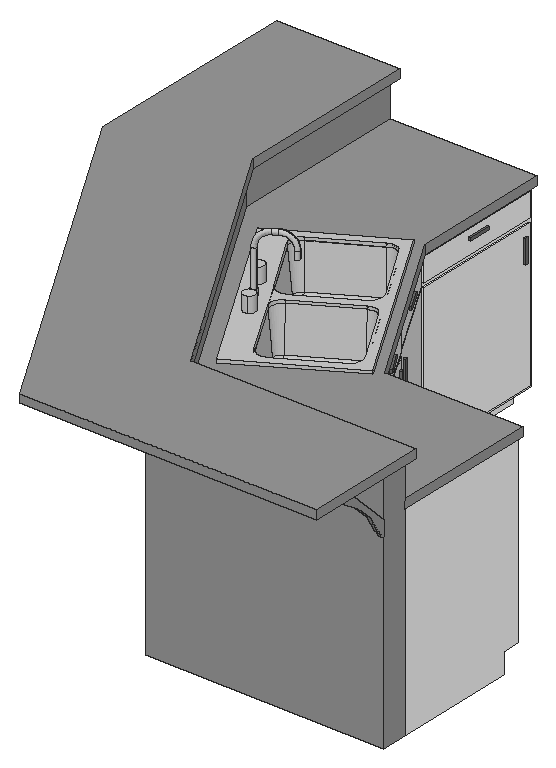
Revit family "Kitchen_Island_30-60_Angles_14122", category Обобщенные модели, Revit 2017
Family settings
  Может служить основой для арматурных стержней = Нет
  Размер круглого соединителя = Использовать диаметр
  Тип детали = Нормальный
  На основе рабочей плоскости = Нет
  Всегда вертикально = Да
  При загрузке вырезать с полостями = Нет
  Общий = Нет
  Точка расчета площади = Нет
Parameters
  Island Wall Material [instance] = Gypsum Wall Board
  Countertop Material [instance] = Travertine
  Brace Material [instance] = Wood
Reference planes (in)
  plane 1 "Center (Front/Back)": y = 0
  plane 2: z = 0
  plane 3 "Center (Left/Right)": x = 0
Forms (in)
  Extrusion 1, solid, material "Travertine" <- "Countertop Material"
    sketch origin (0, 0, 0) x (1, 0, 0) y (0, 1, 0)
      loop
        line (25, 0) -> (0, 0) -> (0, -30.43078) -> (28.14359, -79.17691) -> (66, -79.17691) -> (66, -54.17691) -> (42.57735, -54.17691) -> (25, -23.73205) -> (25, 0)
      loop
        line (26.52757, -62.37788) -> (39.51795, -54.87788) -> (23.01795, -26.29904) -> (10.02757, -33.79904) -> (26.52757, -62.37788)
    from 34.5 to 36
  Extrusion 2, solid, material "Gypsum Wall Board" <- "Island Wall Material"
    sketch origin (0, 0, 0) x (1, 0, 0) y (0, 1, 0)
      loop
        line (0, 0) -> (-4.5, 0) -> (-4.5, -31.63655) -> (25.54552, -83.67691) -> (66, -83.67691) -> (66, -79.17691) -> (28.14359, -79.17691) -> (0, -30.43078) -> (0, 0)
    from 0 to 42
  Extrusion 3, solid, material "Travertine" <- "Countertop Material"
    sketch origin (0, 0, 0) x (1, 0, 0) y (0, 1, 0)
      loop
        line (1, 1) -> (-20, 1) -> (-20, -35.78976) -> (16.59659, -99.17691) -> (67, -99.17691) -> (67, -78.17691) -> (28.72094, -78.17691) -> (1, -30.16283) -> (1, 1)
    from 42 to 43.5
  Extrusion 4, solid, material "Wood" <- "Brace Material"
    sketch origin (26.25, -83.42691, 0) x (0, 1, 0) y (0, 0, 1)
      loop
        line (-7.25, 42) -> (-9.75, 42)
        arc (-9.75, 42) -> (-9.53033, 41.46967) -> (-9, 41.25) r 0.75
        line (-9, 41.25) -> (-8.25, 41.25) -> (-8.25, 40.75)
        arc (-8.25, 40.75) -> (-4.17823, 37.67706) -> (-1.25, 33.5) r 16.37056
        line (-1.25, 33.5) -> (-0.75, 33.5) -> (-0.75, 33)
        arc (-0.75, 33) -> (-0.61237, 32.56699) -> (-0.25, 32.29289) r 0.75
        line (-0.25, 32.29289) -> (-0.25, 35) -> (-7.25, 42)
    from 0 to -0.5
  Extrusion 5, solid, material "Wood" <- "Brace Material"
    sketch origin (25.64256, -83.345, 0) x (0.866025, 0.5, 0) y (0, 0, 1)
      loop
        line (-7.25, 42) -> (-9.75, 42)
        arc (-9.75, 42) -> (-9.53033, 41.46967) -> (-9, 41.25) r 0.75
        line (-9, 41.25) -> (-8.25, 41.25) -> (-8.25, 40.75)
        arc (-8.25, 40.75) -> (-4.17823, 37.67706) -> (-1.25, 33.5) r 16.37056
        line (-1.25, 33.5) -> (-0.75, 33.5) -> (-0.75, 33)
        arc (-0.75, 33) -> (-0.61237, 32.56699) -> (-0.25, 32.29289) r 0.75
        line (-0.25, 32.29289) -> (-0.25, 35) -> (-7.25, 42)
    from 0 to -0.5
  Extrusion 6, solid, material "Wood" <- "Brace Material"
    sketch origin (-3.68061, -32.55578, 0) x (0.866025, 0.5, 0) y (0, 0, 1)
      loop
        line (-7.25, 42) -> (-9.75, 42)
        arc (-9.75, 42) -> (-9.53033, 41.46967) -> (-9, 41.25) r 0.75
        line (-9, 41.25) -> (-8.25, 41.25) -> (-8.25, 40.75)
        arc (-8.25, 40.75) -> (-4.17823, 37.67706) -> (-1.25, 33.5) r 16.37056
        line (-1.25, 33.5) -> (-0.75, 33.5) -> (-0.75, 33)
        arc (-0.75, 33) -> (-0.61237, 32.56699) -> (-0.25, 32.29289) r 0.75
        line (-0.25, 32.29289) -> (-0.25, 35) -> (-7.25, 42)
    from 0 to -0.5
  Extrusion 7, solid, material "Wood" <- "Brace Material"
    sketch origin (-4.25, -30.93078, 0) x (1, 0, 0) y (0, 0, 1)
      loop
        line (-7.25, 42) -> (-9.75, 42)
        arc (-9.75, 42) -> (-9.53033, 41.46967) -> (-9, 41.25) r 0.75
        line (-9, 41.25) -> (-8.25, 41.25) -> (-8.25, 40.75)
        arc (-8.25, 40.75) -> (-4.17823, 37.67706) -> (-1.25, 33.5) r 16.37056
        line (-1.25, 33.5) -> (-0.75, 33.5) -> (-0.75, 33)
        arc (-0.75, 33) -> (-0.61237, 32.56699) -> (-0.25, 32.29289) r 0.75
        line (-0.25, 32.29289) -> (-0.25, 35) -> (-7.25, 42)
    from 0 to -0.5
  Extrusion 8, solid, material "Wood" <- "Brace Material"
    sketch origin (-4.25, -0.5, 0) x (1, 0, 0) y (0, 0, 1)
      loop
        line (-7.25, 42) -> (-9.75, 42)
        arc (-9.75, 42) -> (-9.53033, 41.46967) -> (-9, 41.25) r 0.75
        line (-9, 41.25) -> (-8.25, 41.25) -> (-8.25, 40.75)
        arc (-8.25, 40.75) -> (-4.17823, 37.67706) -> (-1.25, 33.5) r 16.37056
        line (-1.25, 33.5) -> (-0.75, 33.5) -> (-0.75, 33)
        arc (-0.75, 33) -> (-0.61237, 32.56699) -> (-0.25, 32.29289) r 0.75
        line (-0.25, 32.29289) -> (-0.25, 35) -> (-7.25, 42)
    from 0 to -0.5
  Extrusion 9, solid, material "Wood" <- "Brace Material"
    sketch origin (66, -83.67691, 0) x (0, 1, 0) y (0, 0, 1)
      loop
        line (-7.25, 42) -> (-9.75, 42)
        arc (-9.75, 42) -> (-9.53033, 41.46967) -> (-9, 41.25) r 0.75
        line (-9, 41.25) -> (-8.25, 41.25) -> (-8.25, 40.75)
        arc (-8.25, 40.75) -> (-4.17823, 37.67706) -> (-1.25, 33.5) r 16.37056
        line (-1.25, 33.5) -> (-0.75, 33.5) -> (-0.75, 33)
        arc (-0.75, 33) -> (-0.53033, 32.46967) -> (0, 32.25) r 0.75
        line (0, 32.25) -> (0, 34.75) -> (-7.25, 42)
    from 0 to -0.5
Dimensions and locks (in)
  aligned and locked: plane 2 to level
  aligned and locked: Extrusion 4 to Extrusion 2
Nested families (in)
  nested 1: "Base Cabinet-Double Door & 2 Drawer (Island Center)" at (12.58424, -52.22733, 0) x (-0.5, 0.866, 0) z (0, 0, 1), type "36""
  nested 2: "Base Cabinet-Single Door & Drawer (Island Right)" at (0, -12.7377, 0) x (0, 1, 0) z (0, 0, 1), type "24""
  nested 3: "Base Cabinet-Single Door & Drawer (Island Left)" at (54.7377, -79.17691, 0) x (-1, 0, 0) z (0, 0, 1), type "24""
  nested 4: "Sink Kitchen-Double" at (23.86253, -45.57722, 0) x (-0.5, 0.866, 0) z (0, 0, 1), type "36" x 21""
    with Width 3' - 0"
Definition of nested family "Base Cabinet-Double Door & 2 Drawer (Island Center)"
  Parameters
    Assembly Code = "C1030410"
    Cabinet Material = none
    Depth = 2' - 0"
    Door/Drawer Material = none
    Handle Material = none
    Height = 2' - 10 1/2"
    Toe Depth = 0' - 3"
    Toe Height = 0' - 3 1/2"
    Width = 3' - 0"
  Reference planes (in)
    plane 1 "Back": y = 0
    plane 2: z = 0
    plane 3 "Center": x = 0.7377
    plane 4 "Left": x = -17.2623
    plane 5 "Right": x = 18.7377
    plane 6 "Front": y = -24
    plane 7 "Top": z = 34.5
    plane 8: y = -21
    plane 9: z = 3.5
    plane 10: z = 33.75
    plane 11: z = 4.25
    plane 12: x = -16.5123
    plane 13: x = 17.9877
    plane 14: z = 29.75
    plane 15: z = 29
    plane 16: x = -9.8873
    plane 17: x = -5.8873
    plane 18: z = 32.75
    plane 19: z = 32.25
    plane 20: z = 27.5
    plane 21: z = 23.5
    plane 22: x = -0.6373
    plane 23: x = -1.1373
    plane 24: x = 0.3627
    plane 25: x = 1.1127
    plane 26: x = 2.1127
    plane 27: x = 2.6127
    plane 28: x = -7.8873
    plane 29: x = 9.3627
    plane 30: x = 7.3627
    plane 31: x = 11.3627
  Forms (in)
    Extrusion 1, solid, material <- "Cabinet Material"
      sketch origin (0, 0, 0) x (1, 0, 0) y (0, 1, 0)
        loop
          line (-17.2623, 0) -> (-17.2623, -20.5) -> (-21.2623, -20.5) -> (-21.2623, -21) -> (22.7377, -21) -> (22.7377, -20.5) -> (18.7377, -20.5) -> (18.7377, 0) -> (-17.2623, 0)
      from 0 to 3.5
    Sweep 2, solid, material <- "Cabinet Material"
      path origin (0, 0, 0) x (1, 0, 0) y (0, 1, 0)
        loop
          line (18.7377, 0) -> (-17.2623, 0) -> (-17.2623, -24) -> (18.7377, -24) -> (18.7377, 0)
      profile origin (0, -12, 0) x (1, 0, 0) y (0, 0, 1)
        loop
          line (18.7377, 3.5) -> (18.7377, 34.5) -> (17.9877, 34.5) -> (17.9877, 3.5) -> (18.7377, 3.5)
    Extrusion 3, solid, material <- "Cabinet Material"
      sketch origin (0, 0, 0) x (1, 0, 0) y (0, 1, 0)
        loop
          line (-16.5123, -0.75) -> (-16.5123, -23.25) -> (17.9877, -23.25) -> (17.9877, -0.75) -> (-16.5123, -0.75)
      from 4.25 to 3.5
    Extrusion 4, solid, material <- "Door/Drawer Material"
      sketch origin (0, -24, 0) x (1, 0, 0) y (0, 0, 1)
        loop
          line (-16.5123, 33.75) -> (-16.5123, 29.75) -> (0.3627, 29.75) -> (0.3627, 33.75) -> (-16.5123, 33.75)
        loop
          line (1.1127, 33.75) -> (1.1127, 29.75) -> (17.9877, 29.75) -> (17.9877, 33.75) -> (1.1127, 33.75)
        loop
          line (-16.5123, 29) -> (-16.5123, 4.25) -> (0.3627, 4.25) -> (0.3627, 29) -> (-16.5123, 29)
        loop
          line (1.1127, 29) -> (1.1127, 4.25) -> (17.9877, 4.25) -> (17.9877, 29) -> (1.1127, 29)
      from 0 to 0.5
    Extrusion 5, solid, material <- "Handle Material"
      sketch origin (0, -24, 0) x (1, 0, 0) y (0, 0, 1)
        loop
          line (-9.8873, 32.75) -> (-9.8873, 32.25) -> (-5.8873, 32.25) -> (-5.8873, 32.75) -> (-9.8873, 32.75)
        loop
          line (7.3627, 32.75) -> (7.3627, 32.25) -> (11.3627, 32.25) -> (11.3627, 32.75) -> (7.3627, 32.75)
        loop
          line (-1.1373, 27.5) -> (-1.1373, 23.5) -> (-0.6373, 23.5) -> (-0.6373, 27.5) -> (-1.1373, 27.5)
        loop
          line (2.1127, 27.5) -> (2.1127, 23.5) -> (2.6127, 23.5) -> (2.6127, 27.5) -> (2.1127, 27.5)
      from 0.5 to 1
  Cuts and joins
    joined: Extrusion 1, Sweep 2
  Lines and regions (in)
    Masking region 1
      outline origin (0, 0, 0) x (1, 0, 0) y (0, 1, 0)
        loop
          line (-17.2623, 0) -> (-17.2623, -24) -> (18.7377, -24) -> (18.7377, 0) -> (-17.2623, 0)
    model lines
      curve 1: line (17.9877, -24, 29.75) -> (1.1127, -24, 29.75)
      curve 2: line (17.9877, -24, 33.75) -> (17.9877, -24, 29.75)
      curve 3: line (-16.5123, -24, 33.75) -> (0.3627, -24, 33.75)
      curve 4: line (-16.5123, -24, 29.75) -> (-16.5123, -24, 33.75)
      curve 5: line (17.9877, -24, 4.25) -> (1.1127, -24, 4.25)
      curve 6: line (17.9877, -24, 29) -> (17.9877, -24, 4.25)
      curve 7: line (-16.5123, -24, 29) -> (0.3627, -24, 29)
      curve 8: line (-16.5123, -24, 4.25) -> (-16.5123, -24, 29)
      curve 9: line (-9.8873, -24, 32.75) -> (-5.8873, -24, 32.75)
      curve 10: line (-9.8873, -24, 32.25) -> (-9.8873, -24, 32.75)
      curve 11: line (-5.8873, -24, 32.25) -> (-9.8873, -24, 32.25)
      curve 12: line (-5.8873, -24, 32.75) -> (-5.8873, -24, 32.25)
      curve 13: line (-1.1373, -24, 27.5) -> (-0.6373, -24, 27.5)
      curve 14: line (-1.1373, -24, 23.5) -> (-1.1373, -24, 27.5)
      curve 15: line (-0.6373, -24, 23.5) -> (-1.1373, -24, 23.5)
      curve 16: line (-0.6373, -24, 27.5) -> (-0.6373, -24, 23.5)
      curve 17: line (1.1127, -24, 4.25) -> (1.1127, -24, 29)
      curve 18: line (0.3627, -24, 4.25) -> (0.3627, -24, 29)
      curve 19: line (2.6127, -24, 27.5) -> (2.1127, -24, 27.5)
      curve 20: line (2.6127, -24, 23.5) -> (2.6127, -24, 27.5)
      curve 21: line (2.1127, -24, 23.5) -> (2.6127, -24, 23.5)
      curve 22: line (2.1127, -24, 27.5) -> (2.1127, -24, 23.5)
      curve 23: line (1.1127, -24, 29) -> (17.9877, -24, 29)
      curve 24: line (0.3627, -24, 4.25) -> (-16.5123, -24, 4.25)
      curve 25: line (11.3627, -24, 32.75) -> (7.3627, -24, 32.75)
      curve 26: line (11.3627, -24, 32.25) -> (11.3627, -24, 32.75)
      curve 27: line (7.3627, -24, 32.25) -> (11.3627, -24, 32.25)
      curve 28: line (7.3627, -24, 32.75) -> (7.3627, -24, 32.25)
      curve 29: line (0.3627, -24, 29.75) -> (0.3627, -24, 33.75)
      curve 30: line (1.1127, -24, 29.75) -> (1.1127, -24, 33.75)
      curve 31: line (1.1127, -24, 33.75) -> (17.9877, -24, 33.75)
      curve 32: line (0.3627, -24, 29.75) -> (-16.5123, -24, 29.75)
      curve 33: line (-16.5123, -24, 16.625) -> (-17.2623, -24, 16.625)
      curve 34: line (17.9877, -24, 16.625) -> (18.7377, -24, 16.625)
    symbolic lines
      curve 35: line (0.3627, 0, 29) -> (-16.5123, 0, 16.625)
      curve 36: line (-16.5123, 0, 16.625) -> (0.3627, 0, 4.25)
      curve 37: line (1.1127, 0, 4.25) -> (17.9877, 0, 16.625)
      curve 38: line (17.9877, 0, 16.625) -> (1.1127, 0, 29)
  Dimensions and locks (in)
    "Depth": plane 6 "Front" to plane 1 "Back"
    "Width": plane 4 "Left" to plane 5 "Right"
    equal spacing: plane 4 "Left", plane 3 "Center", plane 5 "Right"
    "Height": level to plane 7 "Top"
    "Toe Height": plane 2 to plane 9
    "Toe Depth": plane 6 "Front" to plane 8
    locked: plane 4 "Left" to plane 12 at 0.75
    locked: plane 13 to plane 5 "Right" at 0.75
    locked: plane 7 "Top" to plane 10 at 0.75
    locked: plane 11 to plane 9 at 0.75
    plane 10 to plane 14 to plane 15 = 0' - 4" locked, 0' - 0 3/4" locked
    plane 15 to plane 20 to plane 21 = 0' - 1 1/2" locked, 0' - 4" locked
    plane 10 to plane 18 to plane 19 = 0' - 1" locked, 0' - 0 1/2" locked
    plane 25 to plane 3 "Center" to plane 24 = 0' - 0 3/8" locked, 0' - 0 3/8" locked
    plane 24 to plane 22 to plane 23 = 0' - 1" locked, 0' - 0 1/2" locked
    plane 25 to plane 26 to plane 27 = 0' - 1" locked, 0' - 0 1/2" locked
    equal spacing: plane 12, plane 28, plane 3 "Center"
    equal spacing: plane 13, plane 29, plane 3 "Center"
    plane 16 to plane 28 to plane 17 = 0' - 2" locked, 0' - 2" locked
    plane 30 to plane 29 to plane 31 = 0' - 2" locked, 0' - 2" locked
    equal spacing: plane 15, curve 33, plane 11
    equal spacing: plane 15, curve 34, plane 11
    aligned and locked: plane 1 "Back" to Extrusion 1 sketch curve
    aligned and locked: Extrusion 1 sketch curve to plane 5 "Right"
    aligned and locked: Extrusion 1 sketch curve to plane 8
    aligned and locked: plane 4 "Left" to Extrusion 1 sketch curve
    aligned and locked: Extrusion 1 to level
    aligned and locked: Sweep 2 sketch curve to plane 6 "Front"
    aligned and locked: plane 1 "Back" to Sweep 2 sketch curve
    aligned and locked: Sweep 2 sketch curve to plane 5 "Right"  (x2)
    aligned and locked: plane 4 "Left" to Sweep 2 sketch curve
    aligned and locked: plane 7 "Top" to Sweep 2 sketch curve
    aligned and locked: plane 9 to Sweep 2 sketch curve
    aligned and locked: Sweep 2 to Extrusion 3 sketch curve  (x2)
    aligned and locked: Extrusion 3 sketch curve to Sweep 2  (x2)
    aligned and locked: Extrusion 3 to plane 11
    aligned and locked: Extrusion 3 to plane 9
    aligned and locked: plane 9 to Extrusion 1
    aligned and locked: Masking region 1 sketch curve to plane 5 "Right"
    aligned and locked: plane 1 "Back" to Masking region 1 sketch curve
    aligned and locked: plane 4 "Left" to Masking region 1 sketch curve
    aligned and locked: Masking region 1 sketch curve to plane 6 "Front"
  Automatic sketch dimensions
    profile plane to Sweep 2 sketch curve = 0' - 0 3/4"
    Extrusion 4 sketch curve to plane 12 = 0' - 0"  (x2)
    Extrusion 4 sketch curve to plane 10 = 0' - 0"  (x2)
    Extrusion 4 sketch curve to plane 24 = 0' - 0"  (x2)
    Extrusion 4 sketch curve to plane 11 = 0' - 0"  (x2)
    Extrusion 4 sketch curve to plane 14 = 0' - 0"  (x2)
    Extrusion 4 sketch curve to plane 25 = 0' - 0"  (x2)
    Extrusion 4 sketch curve to plane 15 = 0' - 0"  (x2)
    Extrusion 4 sketch curve to plane 13 = 0' - 0"  (x2)
    Extrusion 5 sketch curve to plane 16 = 0' - 0"
    Extrusion 5 sketch curve to plane 17 = 0' - 0"
    Extrusion 5 sketch curve to plane 20 = 0' - 0"  (x2)
    Extrusion 5 sketch curve to plane 23 = 0' - 0"
    Extrusion 5 sketch curve to plane 21 = 0' - 0"  (x2)
    Extrusion 5 sketch curve to plane 22 = 0' - 0"
    Extrusion 5 sketch curve to plane 26 = 0' - 0"
    Extrusion 5 sketch curve to plane 27 = 0' - 0"
    Extrusion 5 sketch curve to plane 18 = 0' - 0"  (x2)
    Extrusion 5 sketch curve to plane 30 = 0' - 0"
    Extrusion 5 sketch curve to plane 19 = 0' - 0"  (x2)
    Extrusion 5 sketch curve to plane 31 = 0' - 0"
    curve 34 to plane 5 "Right" = 0' - 0"
    curve 2 to plane 10 = 0' - 0"
    curve 2 to plane 13 = 0' - 0"
    curve 37 to plane 13 = 0' - 0"
    curve 34 to plane 13 = 0' - 0"
    curve 25 to plane 18 = 0' - 0"
    curve 25 to plane 31 = 0' - 0"
    curve 25 to plane 30 = 0' - 0"
    curve 21 to plane 21 = 0' - 0"
    curve 21 to plane 27 = 0' - 0"
    curve 21 to plane 26 = 0' - 0"
    curve 23 to plane 15 = 0' - 0"
    curve 23 to plane 25 = 0' - 0"
    curve 30 to plane 25 = 0' - 0"
    curve 38 to plane 15 = 0' - 0"
    curve 38 to plane 25 = 0' - 0"
    curve 37 to plane 11 = 0' - 0"
    curve 37 to plane 25 = 0' - 0"
    curve 18 to plane 11 = 0' - 0"
    curve 18 to plane 24 = 0' - 0"
    curve 36 to plane 11 = 0' - 0"
    curve 36 to plane 24 = 0' - 0"
    curve 29 to plane 14 = 0' - 0"
    curve 29 to plane 24 = 0' - 0"
    curve 35 to plane 15 = 0' - 0"
    curve 35 to plane 24 = 0' - 0"
    curve 16 to plane 21 = 0' - 0"
    curve 16 to plane 22 = 0' - 0"
    curve 14 to plane 23 = 0' - 0"
    curve 12 to plane 17 = 0' - 0"
    curve 10 to plane 16 = 0' - 0"
    curve 32 to plane 12 = 0' - 0"
    curve 24 to plane 12 = 0' - 0"
    curve 35 to plane 12 = 0' - 0"
    curve 33 to plane 4 "Left" = 0' - 0"
    curve 29 to plane 10 = 0' - 0"
    curve 9 to plane 18 = 0' - 0"
    curve 27 to plane 19 = 0' - 0"
    curve 10 to plane 19 = 0' - 0"
    curve 1 to plane 14 = 0' - 0"
    curve 7 to plane 15 = 0' - 0"
    curve 22 to plane 20 = 0' - 0"
    curve 13 to plane 20 = 0' - 0"
    curve 5 to plane 11 = 0' - 0"
    curve 37 to curve 34 = 0' - 0"
    curve 36 to curve 33 = 0' - 0"
    Extrusion 1 sketch curve to plane 4 "Left" = 0' - 4"
    Extrusion 1 sketch curve to plane 8 = 0' - 0 1/2"  (x2)
    Extrusion 1 sketch curve to Extrusion 1 sketch curve = 0' - 4"
Definition of nested family "Base Cabinet-Single Door & Drawer (Island Right)"
  Parameters
    Assembly Code = "C1030410"
    Cabinet Material = none
    Depth = 2' - 0"
    Drawer Material = none
    Handle Material = none
    Height = 2' - 10 1/2"
    Toe Depth = 0' - 3"
    Toe Height = 0' - 3 1/2"
    Width = 1' - 6"
  Reference planes (in)
    plane 1 "Back": y = 0
    plane 2: z = 0
    plane 3 "Center": x = 0.7377
    plane 4 "Left": x = -8.2623
    plane 5 "Right": x = 9.7377
    plane 6 "Front": y = -24
    plane 7 "Top": z = 34.5
    plane 8: y = -21
    plane 9: z = 3.5
    plane 10: z = 33.75
    plane 11: z = 4.25
    plane 12: x = -7.5123
    plane 13: x = 8.9877
    plane 14: z = 27.5
    plane 15: z = 23.5
    plane 16: x = 7.9877
    plane 17: x = 7.4877
    plane 18: z = 29.75
    plane 19: z = 29
  Forms (in)
    Extrusion 1, solid, material <- "Cabinet Material"
      sketch origin (0, 0, 0) x (1, 0, 0) y (0, 1, 0)
        loop
          line (-8.2623, 0) -> (-8.2623, -20.5) -> (-10.5123, -20.5) -> (-10.5123, -21) -> (9.7377, -21) -> (9.7377, 0) -> (-8.2623, 0)
      from 0 to 3.5
    Sweep 2, solid, material <- "Cabinet Material"
      path origin (0, 0, 0) x (1, 0, 0) y (0, 1, 0)
        loop
          line (9.7377, 0) -> (-8.2623, 0) -> (-8.2623, -24) -> (9.7377, -24) -> (9.7377, 0)
      profile origin (0, -12, 0) x (1, 0, 0) y (0, 0, 1)
        loop
          line (9.7377, 3.5) -> (9.7377, 34.5) -> (8.9877, 34.5) -> (8.9877, 3.5) -> (9.7377, 3.5)
    Extrusion 3, solid
      sketch origin (0, 0, 0) x (1, 0, 0) y (0, 1, 0)
        loop
          line (-7.5123, -0.75) -> (-7.5123, -23.25) -> (8.9877, -23.25) -> (8.9877, -0.75) -> (-7.5123, -0.75)
      from 4.25 to 3.5
    Extrusion 4, solid, material <- "Drawer Material"
      sketch origin (0, -24, 0) x (1, 0, 0) y (0, 0, 1)
        loop
          line (-7.5123, 29) -> (-7.5123, 4.25) -> (8.9877, 4.25) -> (8.9877, 29) -> (-7.5123, 29)
        loop
          line (-7.5123, 33.75) -> (-7.5123, 29.75) -> (8.9877, 29.75) -> (8.9877, 33.75) -> (-7.5123, 33.75)
      from 0 to 0.5
    Extrusion 5, solid, material <- "Handle Material"
      sketch origin (0, -24, 0) x (1, 0, 0) y (0, 0, 1)
        loop
          line (7.4877, 27.5) -> (7.4877, 23.5) -> (7.9877, 23.5) -> (7.9877, 27.5) -> (7.4877, 27.5)
        loop
          line (-1.2623, 32.75) -> (-1.2623, 32.25) -> (2.7377, 32.25) -> (2.7377, 32.75) -> (-1.2623, 32.75)
      from 0.5 to 1
  Cuts and joins
    joined: Extrusion 1, Sweep 2
  Lines and regions (in)
    Masking region 1
      outline origin (0, 0, 0) x (1, 0, 0) y (0, 1, 0)
        loop
          line (-8.2623, 0) -> (-8.2623, -24) -> (9.7377, -24) -> (9.7377, 0) -> (-8.2623, 0)
    model lines
      curve 1: line (-7.5123, -24, 16.625) -> (-8.2623, -24, 16.625)
    symbolic lines
      curve 2: line (8.9877, 0, 29) -> (-7.5123, 0, 16.625)
      curve 3: line (8.9877, 0, 4.25) -> (-7.5123, 0, 16.625)
  Dimensions and locks (in)
    "Depth": plane 6 "Front" to plane 1 "Back"
    "Width": plane 4 "Left" to plane 5 "Right"
    equal spacing: plane 4 "Left", plane 3 "Center", plane 5 "Right"
    "Height": level to plane 7 "Top"
    "Toe Height": plane 2 to plane 9
    "Toe Depth": plane 6 "Front" to plane 8
    locked: plane 4 "Left" to plane 12 at 0.75
    locked: plane 13 to plane 5 "Right" at 0.75
    locked: plane 7 "Top" to plane 10 at 0.75
    locked: plane 11 to plane 9 at 0.75
    locked: plane 14 to plane 15 at 4
    plane 17 to plane 16 to plane 13 = 0' - 0 1/2" locked, 0' - 1" locked
    locked: plane 10 to plane 18 at 4
    locked: plane 18 to plane 19 at 0.75
    locked: plane 19 to plane 14 at 1.5
    plane 10 to Extrusion 5 sketch curve to Extrusion 5 sketch curve = 0' - 1", 0' - 0 1/2"
    Extrusion 5 sketch curve to plane 3 "Center" to Extrusion 5 sketch curve = 0' - 2" locked, 0' - 2" locked
    equal spacing: plane 19, curve 1, plane 11
    aligned and locked: plane 1 "Back" to Extrusion 1 sketch curve
    aligned and locked: Extrusion 1 sketch curve to plane 5 "Right"
    aligned and locked: Extrusion 1 sketch curve to plane 8
    aligned and locked: plane 4 "Left" to Extrusion 1 sketch curve
    aligned and locked: Extrusion 1 to level
    aligned and locked: Sweep 2 sketch curve to plane 6 "Front"
    aligned and locked: plane 1 "Back" to Sweep 2 sketch curve
    aligned and locked: Sweep 2 sketch curve to plane 5 "Right"  (x2)
    aligned and locked: plane 4 "Left" to Sweep 2 sketch curve
    aligned and locked: plane 7 "Top" to Sweep 2 sketch curve
    aligned and locked: Sweep 2 sketch curve to plane 9
    aligned and locked: Sweep 2 to Extrusion 3 sketch curve  (x2)
    aligned and locked: Extrusion 3 sketch curve to Sweep 2  (x2)
    aligned and locked: plane 11 to Extrusion 3
    aligned and locked: plane 9 to Extrusion 3
    aligned and locked: Extrusion 1 to plane 9
    aligned and locked: plane 19 to Extrusion 4 sketch curve
    aligned and locked: plane 18 to Extrusion 4 sketch curve
    aligned and locked: plane 13 to Extrusion 4 sketch curve
    aligned and locked: plane 1 "Back" to Masking region 1 sketch curve
    aligned and locked: Masking region 1 sketch curve to plane 5 "Right"
    aligned and locked: plane 4 "Left" to Masking region 1 sketch curve
    aligned and locked: Masking region 1 sketch curve to plane 6 "Front"
  Automatic sketch dimensions
    profile plane to Sweep 2 sketch curve = 0' - 0 3/4"
    Extrusion 4 sketch curve to plane 12 = 0' - 0"  (x2)
    Extrusion 4 sketch curve to plane 11 = 0' - 0"
    Extrusion 4 sketch curve to plane 13 = 0' - 0"
    Extrusion 5 sketch curve to plane 14 = 0' - 0"
    Extrusion 5 sketch curve to plane 17 = 0' - 0"
    Extrusion 5 sketch curve to plane 15 = 0' - 0"
    Extrusion 5 sketch curve to plane 16 = 0' - 0"
    Extrusion 4 sketch curve to plane 10 = 0' - 0"
    curve 2 to plane 13 = 0' - 0"
    curve 3 to plane 11 = 0' - 0"
    curve 3 to plane 13 = 0' - 0"
    curve 2 to plane 12 = 0' - 0"
    curve 1 to plane 12 = 0' - 0"
    curve 1 to plane 4 "Left" = 0' - 0"
    curve 2 to plane 19 = 0' - 0"
    curve 2 to curve 1 = 0' - 0"
    Extrusion 1 sketch curve to plane 8 = 0' - 0 1/2"
    Extrusion 1 sketch curve to plane 4 "Left" = 0' - 2 1/4"
Definition of nested family "Base Cabinet-Single Door & Drawer (Island Left)"
  Parameters
    Assembly Code = "C1030410"
    Cabinet Material = none
    Depth = 2' - 0"
    Drawer Material = none
    Handle Material = none
    Height = 2' - 10 1/2"
    Toe Depth = 0' - 3"
    Toe Height = 0' - 3 1/2"
    Width = 1' - 6"
  Reference planes (in)
    plane 1 "Back": y = 0
    plane 2: z = 0
    plane 3 "Center": x = 0.7377
    plane 4 "Left": x = -8.2623
    plane 5 "Right": x = 9.7377
    plane 6 "Front": y = -24
    plane 7 "Top": z = 34.5
    plane 8: y = -21
    plane 9: z = 3.5
    plane 10: z = 33.75
    plane 11: z = 4.25
    plane 12: x = -7.5123
    plane 13: x = 8.9877
    plane 14: z = 27.5
    plane 15: z = 23.5
    plane 16: x = 7.9877
    plane 17: x = 7.4877
    plane 18: z = 29.75
    plane 19: z = 29
  Forms (in)
    Extrusion 1, solid, material <- "Cabinet Material"
      sketch origin (0, 0, 0) x (1, 0, 0) y (0, 1, 0)
        loop
          line (-8.2623, 0) -> (-8.2623, -21) -> (11.7377, -21) -> (11.7377, -20.5) -> (9.7377, -20.5) -> (9.7377, 0) -> (-8.2623, 0)
      from 0 to 3.5
    Sweep 2, solid, material <- "Cabinet Material"
      path origin (0, 0, 0) x (1, 0, 0) y (0, 1, 0)
        loop
          line (9.7377, 0) -> (-8.2623, 0) -> (-8.2623, -24) -> (9.7377, -24) -> (9.7377, 0)
      profile origin (0, -12, 0) x (1, 0, 0) y (0, 0, 1)
        loop
          line (9.7377, 3.5) -> (9.7377, 34.5) -> (8.9877, 34.5) -> (8.9877, 3.5) -> (9.7377, 3.5)
    Extrusion 3, solid
      sketch origin (0, 0, 0) x (1, 0, 0) y (0, 1, 0)
        loop
          line (-7.5123, -0.75) -> (-7.5123, -23.25) -> (8.9877, -23.25) -> (8.9877, -0.75) -> (-7.5123, -0.75)
      from 4.25 to 3.5
    Extrusion 4, solid, material <- "Drawer Material"
      sketch origin (0, -24, 0) x (1, 0, 0) y (0, 0, 1)
        loop
          line (-7.5123, 29) -> (-7.5123, 4.25) -> (8.9877, 4.25) -> (8.9877, 29) -> (-7.5123, 29)
        loop
          line (-7.5123, 33.75) -> (-7.5123, 29.75) -> (8.9877, 29.75) -> (8.9877, 33.75) -> (-7.5123, 33.75)
      from 0 to 0.5
    Extrusion 5, solid, material <- "Handle Material"
      sketch origin (0, -24, 0) x (1, 0, 0) y (0, 0, 1)
        loop
          line (7.4877, 27.5) -> (7.4877, 23.5) -> (7.9877, 23.5) -> (7.9877, 27.5) -> (7.4877, 27.5)
        loop
          line (-1.2623, 32.75) -> (-1.2623, 32.25) -> (2.7377, 32.25) -> (2.7377, 32.75) -> (-1.2623, 32.75)
      from 0.5 to 1
  Cuts and joins
    joined: Extrusion 1, Sweep 2
  Lines and regions (in)
    Masking region 1
      outline origin (0, 0, 0) x (1, 0, 0) y (0, 1, 0)
        loop
          line (-8.2623, 0) -> (-8.2623, -24) -> (9.7377, -24) -> (9.7377, 0) -> (-8.2623, 0)
    model lines
      curve 1: line (-7.5123, -24, 16.625) -> (-8.2623, -24, 16.625)
    symbolic lines
      curve 2: line (8.9877, 0, 29) -> (-7.5123, 0, 16.625)
      curve 3: line (8.9877, 0, 4.25) -> (-7.5123, 0, 16.625)
  Dimensions and locks (in)
    "Depth": plane 6 "Front" to plane 1 "Back"
    "Width": plane 4 "Left" to plane 5 "Right"
    equal spacing: plane 4 "Left", plane 3 "Center", plane 5 "Right"
    "Height": level to plane 7 "Top"
    "Toe Height": plane 2 to plane 9
    "Toe Depth": plane 6 "Front" to plane 8
    locked: plane 4 "Left" to plane 12 at 0.75
    locked: plane 13 to plane 5 "Right" at 0.75
    locked: plane 7 "Top" to plane 10 at 0.75
    locked: plane 11 to plane 9 at 0.75
    locked: plane 14 to plane 15 at 4
    plane 17 to plane 16 to plane 13 = 0' - 0 1/2" locked, 0' - 1" locked
    locked: plane 10 to plane 18 at 4
    locked: plane 18 to plane 19 at 0.75
    locked: plane 19 to plane 14 at 1.5
    plane 10 to Extrusion 5 sketch curve to Extrusion 5 sketch curve = 0' - 1", 0' - 0 1/2"
    Extrusion 5 sketch curve to plane 3 "Center" to Extrusion 5 sketch curve = 0' - 2" locked, 0' - 2" locked
    equal spacing: plane 19, curve 1, plane 11
    aligned and locked: plane 1 "Back" to Extrusion 1 sketch curve
    aligned and locked: Extrusion 1 sketch curve to plane 5 "Right"
    aligned and locked: Extrusion 1 sketch curve to plane 8
    aligned and locked: plane 4 "Left" to Extrusion 1 sketch curve
    aligned and locked: Extrusion 1 to level
    aligned and locked: Sweep 2 sketch curve to plane 6 "Front"
    aligned and locked: plane 1 "Back" to Sweep 2 sketch curve
    aligned and locked: Sweep 2 sketch curve to plane 5 "Right"  (x2)
    aligned and locked: plane 4 "Left" to Sweep 2 sketch curve
    aligned and locked: plane 7 "Top" to Sweep 2 sketch curve
    aligned and locked: Sweep 2 sketch curve to plane 9
    aligned and locked: Sweep 2 to Extrusion 3 sketch curve  (x2)
    aligned and locked: Extrusion 3 sketch curve to Sweep 2  (x2)
    aligned and locked: plane 11 to Extrusion 3
    aligned and locked: plane 9 to Extrusion 3
    aligned and locked: Extrusion 1 to plane 9
    aligned and locked: plane 19 to Extrusion 4 sketch curve
    aligned and locked: plane 18 to Extrusion 4 sketch curve
    aligned and locked: plane 13 to Extrusion 4 sketch curve
    aligned and locked: plane 1 "Back" to Masking region 1 sketch curve
    aligned and locked: Masking region 1 sketch curve to plane 5 "Right"
    aligned and locked: plane 4 "Left" to Masking region 1 sketch curve
    aligned and locked: Masking region 1 sketch curve to plane 6 "Front"
  Automatic sketch dimensions
    profile plane to Sweep 2 sketch curve = 0' - 0 3/4"
    Extrusion 4 sketch curve to plane 12 = 0' - 0"  (x2)
    Extrusion 4 sketch curve to plane 11 = 0' - 0"
    Extrusion 4 sketch curve to plane 13 = 0' - 0"
    Extrusion 5 sketch curve to plane 14 = 0' - 0"
    Extrusion 5 sketch curve to plane 17 = 0' - 0"
    Extrusion 5 sketch curve to plane 15 = 0' - 0"
    Extrusion 5 sketch curve to plane 16 = 0' - 0"
    Extrusion 4 sketch curve to plane 10 = 0' - 0"
    curve 2 to plane 13 = 0' - 0"
    curve 3 to plane 11 = 0' - 0"
    curve 3 to plane 13 = 0' - 0"
    curve 2 to plane 12 = 0' - 0"
    curve 1 to plane 12 = 0' - 0"
    curve 1 to plane 4 "Left" = 0' - 0"
    curve 2 to plane 19 = 0' - 0"
    curve 2 to curve 1 = 0' - 0"
    Extrusion 1 sketch curve to plane 8 = 0' - 0 1/2"
    Extrusion 1 sketch curve to Extrusion 1 sketch curve = 0' - 2"
Definition of nested family "Sink Kitchen-Double"
  Parameters
    Assembly Code = "D2010410"
    Counter Height = 3' - 0"
    Depth = 1' - 9"
    Faucet Material = none
    Sink Material = none
    Width = 3' - 6"
  Reference planes (in)
    plane 1 "Center (Front/Back)": y = -1.40766
    plane 2: z = 0
    plane 3 "Center (Left/Right)": x = 0.61769
    plane 4: y = 10.59234
    plane 5: y = -10.40766
    plane 6: x = -20.38231
    plane 7: x = 21.61769
    plane 8 "Top Of Counter": z = 36
    plane 9: z = 36.5
    plane 10: z = 27.5
    plane 11: y = 6.09234
    plane 12: x = -18.88231
    plane 13: y = -8.90766
    plane 14: x = 20.11769
    plane 15: x = -3.38231
    plane 16: x = 4.61769
    plane 17: y = 8.34234
    plane 18: y = 8.34234
    plane 19: y = 8.34234
    plane 20: z = 46.375
    plane 21: y = 2.46734
    plane 22: z = 39
    plane 23: z = 37.5
    plane 24: x = -0.13231
    plane 25: x = 1.36769
    plane 26: x = -9.13231
    plane 27: x = 10.36769
    plane 28: z = 27.875
  Forms (in)
    Extrusion 1, solid, material <- "Sink Material"
      sketch origin (0, 0, 0) x (1, 0, 0) y (0, 1, 0)
        loop
          line (-20.38231, 10.59234) -> (-20.38231, -10.40766) -> (21.61769, -10.40766) -> (21.61769, 10.59234) -> (-20.38231, 10.59234)
        loop
          arc (-16.88231, 6.09234) -> (-18.29653, 5.50655) -> (-18.88231, 4.09234) r 2
          line (-18.88231, 4.09234) -> (-18.88231, -6.90766)
          arc (-18.88231, -6.90766) -> (-18.29653, -8.32187) -> (-16.88231, -8.90766) r 2
          line (-16.88231, -8.90766) -> (-2.13231, -8.90766)
          arc (-2.13231, -8.90766) -> (-0.7181, -8.32187) -> (-0.13231, -6.90766) r 2
          line (-0.13231, -6.90766) -> (-0.13231, 4.09234)
          arc (-0.13231, 4.09234) -> (-0.7181, 5.50655) -> (-2.13231, 6.09234) r 2
          line (-2.13231, 6.09234) -> (-16.88231, 6.09234)
        loop
          arc (18.11769, -8.90766) -> (19.5319, -8.32187) -> (20.11769, -6.90766) r 2
          line (20.11769, -6.90766) -> (20.11769, 4.09234)
          arc (20.11769, 4.09234) -> (19.5319, 5.50655) -> (18.11769, 6.09234) r 2
          line (18.11769, 6.09234) -> (3.36769, 6.09234)
          arc (3.36769, 6.09234) -> (1.95347, 5.50655) -> (1.36769, 4.09234) r 2
          line (1.36769, 4.09234) -> (1.36769, -6.90766)
          arc (1.36769, -6.90766) -> (1.95347, -8.32187) -> (3.36769, -8.90766) r 2
          line (3.36769, -8.90766) -> (18.11769, -8.90766)
      from 36 to 36.5
    Sweep 2, solid, material <- "Sink Material"
      path origin (0, 0, 0) x (1, 0, 0) y (0, 1, 0)
        loop
          arc (-16.88231, 6.09234) -> (-18.29653, 5.50655) -> (-18.88231, 4.09234) r 2
          line (-18.88231, 4.09234) -> (-18.88231, -6.90766)
          arc (-18.88231, -6.90766) -> (-18.29653, -8.32187) -> (-16.88231, -8.90766) r 2
          line (-16.88231, -8.90766) -> (-2.13231, -8.90766)
          arc (-2.13231, -8.90766) -> (-0.7181, -8.32187) -> (-0.13231, -6.90766) r 2
          line (-0.13231, -6.90766) -> (-0.13231, 4.09234)
          arc (-0.13231, 4.09234) -> (-0.7181, 5.50655) -> (-2.13231, 6.09234) r 2
          line (-2.13231, 6.09234) -> (-16.88231, 6.09234)
      profile origin (-9.50731, 0, 0) x (0, 1, 0) y (0, 0, 1)
        loop
          line (6.09234, 36) -> (5.44139, 28.55963)
          arc (5.44139, 28.55963) -> (5.20094, 28.07204) -> (4.69424, 27.875) r 0.75
          line (4.69424, 27.875) -> (4.59234, 27.875) -> (4.59234, 27.5) -> (6.34234, 27.5) -> (6.34234, 36) -> (6.09234, 36)
    Extrusion 3, solid, material <- "Sink Material"
      sketch origin (0, 0, 0) x (1, 0, 0) y (0, 1, 0)
        loop
          arc (-16.88231, 4.59234) -> (-17.23587, 4.44589) -> (-17.38231, 4.09234) r 0.5
          line (-17.38231, 4.09234) -> (-17.38231, -6.90766)
          arc (-17.38231, -6.90766) -> (-17.23587, -7.26121) -> (-16.88231, -7.40766) r 0.5
          line (-16.88231, -7.40766) -> (-2.13231, -7.40766)
          arc (-2.13231, -7.40766) -> (-1.77876, -7.26121) -> (-1.63231, -6.90766) r 0.5
          line (-1.63231, -6.90766) -> (-1.63231, 4.09234)
          arc (-1.63231, 4.09234) -> (-1.77876, 4.44589) -> (-2.13231, 4.59234) r 0.5
          line (-2.13231, 4.59234) -> (-16.88231, 4.59234)
        loop
          circle (-9.13231, -1.40766) r 1
      from 27.5 to 27.875
    Extrusion 4, solid, material <- "Faucet Material"
      sketch origin (0, 0, 0) x (1, 0, 0) y (0, 1, 0)
        loop
          circle (-3.38231, 8.34234) r 1
        loop
          circle (4.61769, 8.34234) r 1
      from 36.5 to 39
    Sweep 5, solid, material <- "Faucet Material"
      path origin (0.61769, 0, 0) x (0, 1, 0) y (0, 0, 1)
        loop
          line (8.34234, 36.5) -> (8.34234, 43.875)
          arc (8.34234, 43.875) -> (7.61011, 45.64277) -> (5.84234, 46.375) r 2.5
          line (5.84234, 46.375) -> (4.96734, 46.375)
          arc (4.96734, 46.375) -> (3.19957, 45.64277) -> (2.46734, 43.875) r 2.5
          line (2.46734, 43.875) -> (2.46734, 42.5)
      profile origin (0.61769, 0, 40.1875) x (0, -1, 0) y (1, 0, 0)
        loop
          circle (-8.34234, 0) r 0.375
    Extrusion 6, solid, material <- "Faucet Material"
      sketch origin (0, 0, 0) x (1, 0, 0) y (0, 1, 0)
        loop
          circle (0.61769, 8.34234) r 0.5
      from 36.5 to 37.5
    Sweep 7, solid, material <- "Sink Material"
      path origin (1.23537, 0, 0) x (-1, 0, 0) y (0, -1, 0)
        loop
          line (-16.88231, -6.09234) -> (-2.13231, -6.09234)
          arc (-2.13231, -6.09234) -> (-0.7181, -5.50655) -> (-0.13231, -4.09234) r 2
          line (-0.13231, -4.09234) -> (-0.13231, 6.90766)
          arc (-0.13231, 6.90766) -> (-0.7181, 8.32187) -> (-2.13231, 8.90766) r 2
          line (-2.13231, 8.90766) -> (-16.88231, 8.90766)
          arc (-16.88231, 8.90766) -> (-18.29653, 8.32187) -> (-18.88231, 6.90766) r 2
          line (-18.88231, 6.90766) -> (-18.88231, -4.09234)
          arc (-18.88231, -4.09234) -> (-18.29653, -5.50655) -> (-16.88231, -6.09234) r 2
      profile origin (10.74269, 0, 0) x (0, -1, 0) y (0, 0, 1)
        loop
          line (-6.09234, 36) -> (-6.34234, 36) -> (-6.34234, 27.5) -> (-4.59234, 27.5) -> (-4.59234, 27.875) -> (-4.69424, 27.875)
          arc (-4.69424, 27.875) -> (-5.20094, 28.07204) -> (-5.44139, 28.55963) r 0.75
          line (-5.44139, 28.55963) -> (-6.09234, 36)
    Extrusion 8, solid, material <- "Sink Material"
      sketch origin (0, 0, 0) x (1, 0, 0) y (0, 1, 0)
        loop
          arc (3.36769, 4.69424) -> (3.01413, 4.5478) -> (2.86769, 4.19424) r 0.5
          line (2.86769, 4.19424) -> (2.86769, -6.90766)
          arc (2.86769, -6.90766) -> (3.01413, -7.26121) -> (3.36769, -7.40766) r 0.5
          line (3.36769, -7.40766) -> (18.11769, -7.40766)
          arc (18.11769, -7.40766) -> (18.47124, -7.26121) -> (18.61769, -6.90766) r 0.5
          line (18.61769, -6.90766) -> (18.61769, 4.19424)
          arc (18.61769, 4.19424) -> (18.47124, 4.5478) -> (18.11769, 4.69424) r 0.5
          line (18.11769, 4.69424) -> (3.36769, 4.69424)
        loop
          circle (10.36769, -1.40766) r 1
      from 27.5 to 27.875
  Cuts and joins
    joined: Extrusion 1, Sweep 2, Sweep 7
    joined: Sweep 5, Extrusion 6
  Lines and regions (in)
    Masking region 1
      outline origin (0, 0, 36) x (0, -1, 0) y (1, 0, 0)
        loop
          line (-10.59234, -20.38231) -> (10.40766, -20.38231) -> (10.40766, 21.61769) -> (-10.59234, 21.61769) -> (-10.59234, -20.38231)
    symbolic lines
      curve 1: line (-18.88231, 4.09234, 36) -> (-18.88231, -6.90766, 36)
      curve 2: line (-16.88231, -8.90766, 36) -> (-2.13231, -8.90766, 36)
      curve 3: line (20.11769, -6.90766, 36) -> (20.11769, 4.09234, 36)
      curve 4: line (18.11769, 6.09234, 36) -> (3.36769, 6.09234, 36)
      curve 5: arc (20.11769, 4.09234, 36) -> (19.5319, 5.50655, 36) -> (18.11769, 6.09234, 36) r 2
      curve 6: arc (18.11769, -8.90766, 36) -> (19.5319, -8.32187, 36) -> (20.11769, -6.90766, 36) r 2
      curve 7: arc (-18.88231, -6.90766, 36) -> (-18.29653, -8.32187, 36) -> (-16.88231, -8.90766, 36) r 2
      curve 8: arc (-16.88231, 6.09234, 36) -> (-18.29653, 5.50655, 36) -> (-18.88231, 4.09234, 36) r 2
      curve 9: arc (1.11769, 8.34234, 36) -> (0.61769, 8.84234, 36) -> (0.11769, 8.34234, 36) r 0.5
      curve 10: line (0.11769, 8.34234, 36) -> (0.11769, 0.59234, 36)
      curve 11: line (1.11769, 8.34234, 36) -> (1.11769, 0.59234, 36)
      curve 12: arc (1.11769, 0.59234, 36) -> (0.61769, 0.09234, 36) -> (0.11769, 0.59234, 36) r 0.5
      curve 13: line (-0.13231, 4.09234, 36) -> (-0.13231, -6.90766, 36)
      curve 14: line (1.36769, 4.09234, 36) -> (1.36769, -6.90766, 36)
      curve 15: line (3.36769, -8.90766, 36) -> (18.11769, -8.90766, 36)
      curve 16: line (-2.13231, 6.09234, 36) -> (-16.88231, 6.09234, 36)
      curve 17: arc (3.36769, 6.09234, 36) -> (1.95347, 5.50655, 36) -> (1.36769, 4.09234, 36) r 2
      curve 18: arc (1.36769, -6.90766, 36) -> (1.95347, -8.32187, 36) -> (3.36769, -8.90766, 36) r 2
      curve 19: arc (-0.13231, -6.90766, 36) -> (-0.7181, -8.32187, 36) -> (-2.13231, -8.90766, 36) r 2
      curve 20: arc (-0.13231, 4.09234, 36) -> (-0.7181, 5.50655, 36) -> (-2.13231, 6.09234, 36) r 2
      curve 21: arc (-10.13231, -1.40766, 36) -> (-9.13231, -0.40766, 36) -> (-8.13231, -1.40766, 36) r 1
      curve 22: arc (-8.13231, -1.40766, 36) -> (-9.13231, -2.40766, 36) -> (-10.13231, -1.40766, 36) r 1
      curve 23: arc (9.36769, -1.40766, 36) -> (10.36769, -0.40766, 36) -> (11.36769, -1.40766, 36) r 1
      curve 24: arc (11.36769, -1.40766, 36) -> (10.36769, -2.40766, 36) -> (9.36769, -1.40766, 36) r 1
      curve 25: arc (-4.38231, 8.34234, 36) -> (-3.38231, 7.34234, 36) -> (-2.38231, 8.34234, 36) r 1
      curve 26: arc (-2.38231, 8.34234, 36) -> (-3.38231, 9.34234, 36) -> (-4.38231, 8.34234, 36) r 1
      curve 27: arc (3.61769, 8.34234, 36) -> (4.61769, 7.34234, 36) -> (5.61769, 8.34234, 36) r 1
      curve 28: arc (5.61769, 8.34234, 36) -> (4.61769, 9.34234, 36) -> (3.61769, 8.34234, 36) r 1
  Dimensions and locks (in)
    equal spacing: plane 6, plane 3 "Center (Left/Right)", plane 7
    "Width": plane 6 to plane 7
    "Depth": plane 5 to plane 4
    "Counter Height": plane 8 "Top Of Counter" to plane 2
    locked: plane 9 to plane 8 "Top Of Counter" at 0.5
    locked: plane 8 "Top Of Counter" to plane 10 at 8.5
    locked: plane 6 to plane 12 at 1.5
    locked: plane 14 to plane 7 at 1.5
    locked: plane 11 to plane 4 at 4.5
    locked: plane 5 to plane 13 at 1.5
    equal spacing: plane 11, plane 17, plane 4
    equal spacing: plane 11, plane 18, plane 4
    equal spacing: plane 4, plane 19, plane 11
    locked: plane 19 to plane 21 at 5.875
    locked: plane 20 to plane 9 at 9.875
    locked: plane 22 to plane 9 at 2.5
    locked: plane 23 to plane 9 at 1
    plane 24 to plane 3 "Center (Left/Right)" to plane 25 = 0' - 0 3/4" locked, 0' - 0 3/4" locked
    equal spacing: plane 12, plane 26, plane 3 "Center (Left/Right)"
    equal spacing: plane 3 "Center (Left/Right)", plane 27, plane 14
    equal spacing: plane 13, plane 1 "Center (Front/Back)", plane 11
    locked: plane 15 to plane 3 "Center (Left/Right)" at 4
    locked: plane 3 "Center (Left/Right)" to plane 16 at 4
    locked: plane 28 to plane 10 at 0.375
    aligned and locked: Extrusion 1 sketch curve to plane 5
    aligned and locked: plane 7 to Extrusion 1 sketch curve
    aligned and locked: plane 4 to Extrusion 1 sketch curve
    aligned and locked: Extrusion 1 sketch curve to plane 6
    aligned and locked: plane 8 "Top Of Counter" to Extrusion 1
    aligned and locked: Extrusion 1 to plane 9
    aligned and locked: plane 11 to Extrusion 1 sketch curve
    aligned and locked: plane 14 to Extrusion 1 sketch curve
    aligned and locked: Extrusion 1 sketch curve to plane 12
    aligned and locked: Extrusion 1 sketch curve to plane 13
    aligned and locked: plane 11 to Sweep 2 sketch curve
    aligned and locked: Sweep 2 sketch curve to plane 12
    aligned and locked: Sweep 2 sketch curve to plane 13
    aligned and locked: Sweep 2 to Extrusion 3 sketch curve  (x4)
    aligned and locked: plane 10 to Extrusion 3
    aligned and locked: Sweep 2 sketch curve to plane 10
    aligned and locked: plane 8 "Top Of Counter" to Sweep 2 sketch curve
    aligned and locked: Extrusion 4 to Extrusion 1
    aligned and locked: Extrusion 6 to Extrusion 1
    aligned and locked: Sweep 5 sketch curve to plane 19
    aligned and locked: plane 20 to Sweep 5 sketch curve
    aligned and locked: plane 21 to Sweep 5 sketch curve
    aligned and locked: Extrusion 4 to plane 22
    aligned and locked: Extrusion 6 to plane 23
    aligned and locked: Sweep 2 sketch curve to Extrusion 1
    aligned and locked: Sweep 7 sketch curve to plane 14
    aligned and locked: Sweep 7 sketch curve to Extrusion 1
    aligned and locked: Sweep 7 sketch curve to plane 11
    aligned and locked: plane 13 to Sweep 7 sketch curve
    aligned and locked: plane 10 to Extrusion 8
    aligned and locked: curve 21 to Extrusion 3
    aligned and locked: curve 23 to Extrusion 8
    aligned and locked: Extrusion 8 sketch curve to Sweep 7
    aligned and locked: Sweep 7 sketch curve to plane 8 "Top Of Counter"
    aligned and locked: plane 10 to Sweep 7 sketch curve
    aligned and locked: plane 4 to Masking region 1 sketch curve
    aligned and locked: plane 7 to Masking region 1 sketch curve
    aligned and locked: Masking region 1 sketch curve to plane 5
    aligned and locked: Masking region 1 sketch curve to plane 6
    aligned and locked: plane 15 to Extrusion 4 sketch curve
    aligned and locked: plane 17 to Extrusion 4 sketch curve  (x2)
    aligned and locked: plane 16 to Extrusion 4 sketch curve
    aligned and locked: curve 25 to Extrusion 4
    aligned and locked: curve 27 to Extrusion 4
    aligned and locked: Extrusion 3 to plane 28
    aligned and locked: Extrusion 8 to plane 28
  Automatic sketch dimensions
    Sweep 2 sketch curve to profile plane = 0' - 0"
    profile plane to Sweep 2 sketch curve = 0' - 0.65095"
    Sweep 2 sketch curve to Sweep 2 sketch curve = 0' - 0.74715"
    Sweep 2 sketch curve to Sweep 2 sketch curve = 0' - 0.10191"
    Sweep 2 sketch curve to profile plane = 0' - 0 1/4"
    Sweep 2 sketch curve to Sweep 2 sketch curve = 0' - 0 3/8"
    Sweep 2 sketch curve to Sweep 2 sketch curve = 0' - 0.68463"
    plane 15 to Extrusion 4 sketch curve = 0' - 1"
    plane 16 to Extrusion 4 sketch curve = 0' - 1"
    Sweep 5 sketch curve to plane 3 "Center (Left/Right)" = 0' - 0"
    Sweep 5 sketch curve to profile plane = 0' - 0"
    profile plane to Sweep 5 sketch curve = 0' - 0 3/8"
    Extrusion 6 sketch curve to plane 18 = 0' - 0"
    Extrusion 6 sketch curve to plane 3 "Center (Left/Right)" = 0' - 0"
    Extrusion 6 sketch curve to plane 3 "Center (Left/Right)" = 0' - 0 1/2"
    Sweep 5 sketch curve to plane 9 = 0' - 0"
    Sweep 5 sketch curve to Sweep 5 sketch curve = 0' - 2 1/2"
    plane 11 to Sweep 5 sketch curve = 0' - 0 1/4"
    Sweep 5 sketch curve to Sweep 5 sketch curve = 0' - 1 3/8"
    Extrusion 1 sketch curve to plane 13 = 0' - 0"
    Extrusion 1 sketch curve to plane 24 = 0' - 0"
    Extrusion 1 sketch curve to plane 25 = 0' - 0"
    Extrusion 1 sketch curve to plane 11 = 0' - 0"
    Extrusion 1 sketch curve to plane 12 = 0' - 2"  (x2)
    Extrusion 1 sketch curve to plane 3 "Center (Left/Right)" = 0' - 2 3/4"  (x2)
    plane 3 "Center (Left/Right)" to Extrusion 1 sketch curve = 0' - 2 3/4"  (x2)
    plane 14 to Extrusion 1 sketch curve = 0' - 2"
    Extrusion 1 sketch curve to Extrusion 1 sketch curve = 0' - 2"
    Sweep 2 sketch curve to plane 12 = 0' - 2"  (x2)
    Sweep 2 sketch curve to plane 3 "Center (Left/Right)" = 0' - 2 3/4"  (x2)
    plane 14 to Sweep 7 sketch curve = 0' - 2"  (x2)
    Sweep 7 sketch curve to Sweep 7 sketch curve = 0' - 2"
    plane 3 "Center (Left/Right)" to Sweep 7 sketch curve = 0' - 2 3/4"
    Extrusion 3 sketch curve to plane 1 "Center (Front/Back)" = 0' - 0"
    Extrusion 3 sketch curve to plane 26 = 0' - 0"
    Extrusion 3 sketch curve to Extrusion 3 sketch curve = 0' - 0 1/2"  (x4)
    plane 26 to Extrusion 3 sketch curve = 0' - 1"
    Extrusion 8 sketch curve to plane 1 "Center (Front/Back)" = 0' - 0"
    Extrusion 8 sketch curve to plane 27 = 0' - 0"
    plane 27 to Extrusion 8 sketch curve = 0' - 1"
    plane 3 "Center (Left/Right)" to Extrusion 8 sketch curve = 0' - 2 3/4"  (x2)
    Extrusion 8 sketch curve to Extrusion 8 sketch curve = 0' - 0 1/2"  (x2)
    plane 11 to Extrusion 8 sketch curve = 0' - 1.89809"
    Extrusion 8 sketch curve to plane 13 = 0' - 2"
    plane 7 to Extrusion 8 sketch curve = 0' - 3 1/2"
    Sweep 7 sketch curve to profile plane = 0' - 0"
    profile plane to Sweep 7 sketch curve = 0' - 0 1/4"
    Sweep 7 sketch curve to profile plane = 0' - 0.65095"
    Sweep 7 sketch curve to Sweep 7 sketch curve = 0' - 0.74715"
    Sweep 7 sketch curve to Sweep 7 sketch curve = 0' - 0.10191"
    Sweep 7 sketch curve to Sweep 7 sketch curve = 0' - 0.06537"
    Sweep 7 sketch curve to Sweep 7 sketch curve = 0' - 1.05963"
    curve 20 to plane 11 = 0' - 0"
    curve 17 to plane 11 = 0' - 0"
    curve 5 to plane 14 = 0' - 0"
    curve 1 to plane 12 = 0' - 0"
    curve 12 to plane 3 "Center (Left/Right)" = 0' - 0"
    curve 7 to plane 13 = 0' - 0"
    curve 18 to plane 13 = 0' - 0"
    plane 4 to curve 11 = 0' - 2 1/4"
    plane 11 to curve 5 = 0' - 2"
    plane 11 to curve 8 = 0' - 2"
    curve 13 to plane 3 "Center (Left/Right)" = 0' - 0 3/4"
    curve 14 to curve 13 = 0' - 0"
    curve 11 to plane 1 "Center (Front/Back)" = 0' - 2"
    plane 3 "Center (Left/Right)" to curve 14 = 0' - 0 3/4"
    curve 14 to plane 13 = 0' - 2"
    curve 13 to curve 14 = 0' - 0"
    curve 1 to plane 13 = 0' - 2"
    curve 6 to plane 13 = 0' - 2"
    curve 9 to plane 3 "Center (Left/Right)" = 0' - 0 1/2"
    curve 4 to curve 27 = 0' - 0 1/4"
